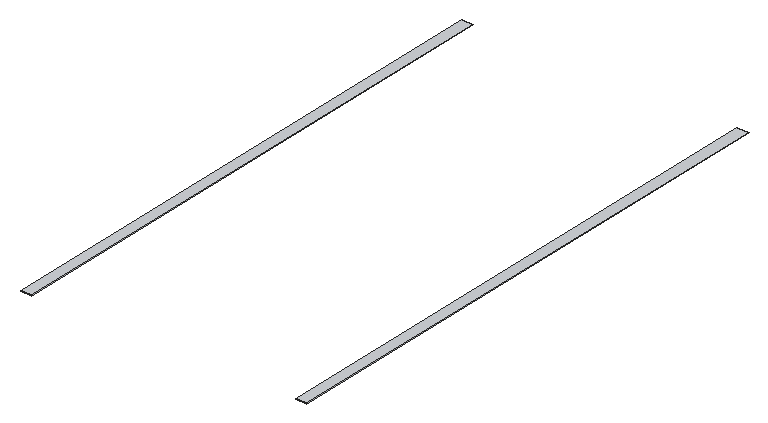
Revit family "Parking Bay", category Parking, Revit 2025
Family settings
  Work Plane-Based = No
  Always vertical = Yes
  Cut with Voids When Loaded = No
  Shared = No
Parameters (values of type "Parking Bay")
  Parking_Stripe Width = 0.1 m
  Parking_Stripe Thickness = 0.005 m
  Parking_Stripe Material = none
  Parking_Bay Width_Overall [instance] = Parking_Bay Width_Controller * 2  # 2.5 m
  Parking_Bay Width_Offsets [instance] = sin(Parking_Angle) * (Parking_Bay Length / 2)  # 0 m
  Parking_Bay Width_Controller [instance] = (Parking_Bay Width / 2) / (cos(Parking_Angle))  # 1.25 m
  Parking_Bay Width [instance] = 2.5 m
  Parking_Bay Length_Overall [instance] = Parking_Bay Length_Controller * 2  # 5 m
  Parking_Bay Length_Controller [instance] = cos(Parking_Angle) * (Parking_Bay Length / 2)  # 2.5 m
  Parking_Bay Length [instance] = 5 m
  Parking_Angle = 0.00°
Reference planes (m)
  plane 1 "Center (Front/Back)": y = 0
  plane 2: z = 0
  plane 3 "Center (Left/Right)": x = 0
  plane 4: y = 2.5
  plane 5: y = -2.5
  plane 6: x = -1.25
  plane 7: x = 1.25
  plane 8: x = -1.25
  plane 9: x = 1.25
  plane 10: x = -1.25
  plane 11: x = 1.25
Forms (m)
  Sweep 1, solid, material <- "Parking_Stripe Material"
    path in 3D
      loop
        line (-1.25, 2.5, 0) -> (-1.25, -2.5, 0)
    profile "Parking Bay_Stripe Profile : Parking Bay_Stripe Profile" origin (-1.25, 0, 0) x (1, 0, 0) y (0, 0, 1)
      loop
        line (-0.05, 0.005) -> (-0.05, 0) -> (0.05, 0) -> (0.05, 0.005) -> (-0.05, 0.005)
  Sweep 2, solid, material <- "Parking_Stripe Material"
    path in 3D
      loop
        line (1.25, 2.5, 0) -> (1.25, -2.5, 0)
    profile "Parking Bay_Stripe Profile : Parking Bay_Stripe Profile" origin (1.25, 0, 0) x (1, 0, 0) y (0, 0, 1)
      loop
        line (-0.05, 0.005) -> (-0.05, 0) -> (0.05, 0) -> (0.05, 0.005) -> (-0.05, 0.005)
Lines and regions (m)
  model lines, style "ParkingHiddenLines"
    curve 1: line (1.25, 2.5, 0) -> (1.25, -2.5, 0)
    curve 2: line (-1.25, 2.5, 0) -> (-1.25, -2.5, 0)
  sketch lines
    curve 3: line (-1.25, 2.5, 0) -> (-1.25, -2.5, 0)
    curve 4: line (1.25, 2.5, 0) -> (1.25, -2.5, 0)
  symbolic lines, style "Parking"
    curve 5: line (-1.25, 2.5, 0) -> (1.25, 2.5, 0)
  model lines
    curve 6: line (-1.25, 2.5, 0) -> (1.25, 2.5, 0)
Dimensions and locks (m)
  equal spacing: plane 6, plane 3 "Center (Left/Right)", plane 7
  "Parking_Bay Width_Overall": plane 6 to plane 7
  equal spacing: plane 5, plane 1 "Center (Front/Back)", plane 4
  "Parking_Bay Length_Overall": plane 5 to plane 4
  "Parking_Bay Width_Offsets": plane 6 to plane 8
  "Parking_Bay Width_Offsets": plane 7 to plane 9
  "Parking_Bay Width_Offsets": plane 10 to plane 6
  "Parking_Bay Width_Offsets": plane 11 to plane 7
  aligned and locked: level to plane 2
  aligned and locked: plane 5 to curve 1
  aligned and locked: plane 11 to curve 1
  aligned and locked: plane 4 to curve 1
  aligned and locked: plane 9 to curve 1
  aligned and locked: plane 8 to curve 2
  aligned and locked: plane 4 to curve 2
  aligned and locked: plane 5 to curve 2
Automatic sketch dimensions
  curve 2 to plane 10 = 0 m
